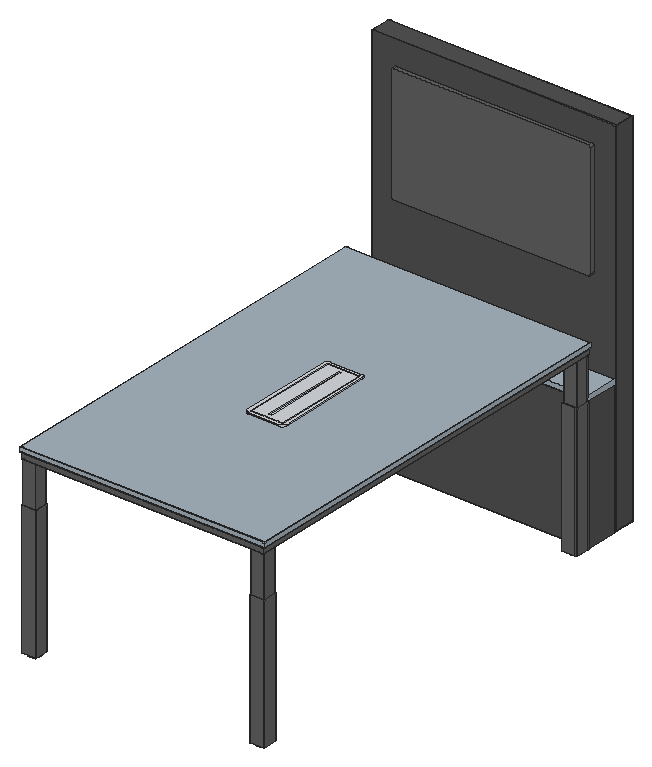
Revit family "DBLTD_TheSenatorGroup_OffcTbls_Play_AVMedia_US", category Furniture, Revit 2018
Family settings
  Work Plane-Based = No
  Always vertical = Yes
  Cut with Voids When Loaded = No
  Shared = Yes
  Room Calculation Point = No
Parameters (values of type "AV Media with Cutout 48"(w) x 90"(d) x 29"- 48"(h)")
  WorksurfaceArea = NominalLength * NominalDepth  # 2.712 m²
  WithCutout = yes
  WarrantyStartDate [instance] = "1900-12-31T23:59:59"
  WarrantyGuarantorParts = "15"
  WarrantyGuarantorLabor = "15"
  WarrantyDurationUnit = "Years"
  WarrantyDurationParts = "15"
  WarrantyDurationLabor = "15"
  WarrantyDescription = "Senator warrants that its manufactured products are free from manufacturing defects - in materials or workmanship - for a period of ten (10) years on Senator Seating ranges; and fifteen (15) years on Senator Desking ranges"
  Version = "1"  # constant formula
  Uniclass2015Version = "Products v1.9"
  Uniclass2015Title = "Office tables"
  Uniclass2015Code = "Pr_40_50_21_60"
  URL = "https://www.thesenatorgroup.com/"
  TagNumber [instance] = "n/a"
  TableTopThickness = 0.98425"
  TableMaterial [instance] = TheSenatorGroup_Play_MFC_Denim
  TableHeight [instance] = 36"
  SustainabilityPerformance = "n/a"
  Style = "n/a"
  Size = "L 90\" x  W 48\" x  H 29\" - 48\""
  Shape = "Rectangular"
  SerialNumber [instance] = "n/a"
  Revision = "n/a"
  ReplacementCost = "0"
  ProductInformation = "https://www.thesenatorgroup.com/"
  OmniClassVersion = "Table 22 2012-05-16"
  OmniClassTitle = "Office Tables"
  OmniClassCode = "22-12 51 23"
  NumberOfChairs = 5
  NominalWidth = 47.24409"
  NominalLength = NominalWidth  # 47.24409"
  NominalHeight = 70.86614"
  NominalDepth = 88.97638"
  Name = "OfficeTables_Play_AVMedia_TheSenatorGroup"
  NBSReference = "45-35-20/340"
  NBSDescription = "Office tables"
  NBSCertification = ""
  ModelReference = "AV Media with Cutout 48\" (w) x 90\"(d) x 29\" - 48\" (h)"
  ModelNumber = "PYPAE904850 + PYPUSIDP50AV or PYPUSIDP50AVS"
  Model = ModelNumber  # "PYPAE904850 + PYPUSIDP50AV or PYPUSIDP50AVS"
  Material = "MFC"
  ManufacturerURL = "https://www.thesenatorgroup.com/"
  ManufacturerName = "The Senator Group"
  Manufacturer = "The Senator Group"  # constant formula
  MainColor = "n/a"
  Keynote = "Pr_40_50_21_60"
  IntegralAccessories = "n/a"
  InstallationDate [instance] = "1900-12-31T23:59:59"
  IfcExportType = "TABLE"  # constant formula
  IfcExportAs = "IfcFurnitureType"  # constant formula
  Grade = "n/a"
  FramesColour = "Black"
  FrameSupports = "Adjustable"
  Finish = "HD Highland Oak, BH Beech, MP Maple, WH White, AT Autumn. WK Winter Oak, SO Strata Oak, MC Mocha, HW Hacienda White, DN Denim, LY Clay, LS Lemon Sorbet, LG Light Grey, CW Carini Walnut"
  Features = "Height Adjustable, with cutout for IDP"
  ExposedEdges = "Matching"
  ExpectedLife = "15"
  DurationUnit = "Years"
  DimensionsPlanSize = "48\" x 90\""
  DimensionsHeight = "29\" - 48\""
  Description = "48\" x 90\" AV Media Table with Cutout"
  Cost = 0
  Constituents = "n/a"
  Color = "n/a"
  CodePerformance = "n/a"
  Category = "Pr_40_50_21_60:Office tables"
  BarCode [instance] = "n/a"
  BIMObjectName = "TheSenatorGroup_OfficeTables_Play_AVMedia"
  Author = "Diane Butterworth Ltd"  # constant formula
  AssetType = "Movable"
  AssetIdentifier [instance] = "n/a"
  AccessibilityPerformance = "n/a"
Types (2): name | WithCutout | TableHeight | ModelReference | ModelNumber | Model | Features | Description
  AV Media with Cutout 48"(w) x 90"(d) x 29"- 48"(h) | yes | 36" | "AV Media with Cutout 48\" (w) x 90\"(d) x 29\" - 48\" (h)" | "PYPAE904850 + PYPUSIDP50AV or PYPUSIDP50AVS" | "PYPAE904850 + PYPUSIDP50AV or PYPUSIDP50AVS" | "Height Adjustable, with cutout for IDP" | "48\" x 90\" AV Media Table with Cutout"
  AV Media 48"(w) x 90"(d) x 29"- 48"(h) | no | 47.24409" | "AV Media 48\" (w) x 90\"(d) x 29\" - 48\" (h)" | "PYPAE9048" | "PYPAE9048" | "Height Adjustable" | "48\" x 90\" AV Media Table"
Reference planes (in)
  plane 1 "n/a": y = 0
  plane 2: z = 0
  plane 3 "Center (Left/Right)": x = 0
  plane 4 "Top": z = 36
  plane 5 "Edge1": x = -23.6220472
  plane 6 "Edge3": x = 23.6220472
  plane 7 "Edge2": y = 44.488189
  plane 8 "Edge4": y = -44.488189
  plane 9 "Edge23": y = 34.2519685
  plane 10 "Edge24": z = 35.015748
  plane 11 "Edge25": z = 33.8346457
  plane 12: z = 0.2755917
  plane 13: z = 25.8661429
  plane 14: z = 70.8661417
  plane 15: y = 40.5511811
  plane 16: z = 24.2952747
Forms (in)
  Extrusion 1, solid, material "TheSenatorGroup_Play_MFC_Denim" <- "TableMaterial"
    sketch origin (0, 0, 36) x (-1, 0, 0) y (0, -1, 0)
      loop
        line (23.6220472, -34.2519685) -> (23.6220472, 44.488189) -> (-23.6220472, 44.488189) -> (-23.6220472, -34.2519685) -> (23.6220472, -34.2519685)
    from -0.984252 to 0
  Extrusion 2, solid, material "TheSenatorGroup_Play_MetalFrame_Black"
    sketch origin (0, 0, 36) x (-1, 0, 0) y (0, -1, 0)
      loop
        line (20.6692913, -31.2992126) -> (20.6692913, 41.5354331) -> (-20.6692913, 41.5354331) -> (-20.6692913, -31.2992126) -> (20.6692913, -31.2992126)
      loop
        line (23.4251969, -34.0551181) -> (23.4251969, 44.2913386) -> (-23.4251969, 44.2913386) -> (-23.4251969, -34.0551181) -> (23.4251969, -34.0551181)
    from -2.1653543 to -0.984252
  Extrusion 3, solid, material "TheSenatorGroup_Play_MetalFrame_Black"
    sketch origin (0, 0, 36) x (-1, 0, 0) y (0, -1, 0)
      loop
        arc (23.3464567, -34.0551181) -> (23.4021344, -34.0320557) -> (23.4251969, -33.976378) r 0.0787402
        line (23.4251969, -33.976378) -> (23.4251969, -31.3779528)
        arc (23.4251969, -31.3779528) -> (23.4021344, -31.3222751) -> (23.3464567, -31.2992126) r 0.0787402
        line (23.3464567, -31.2992126) -> (20.7480315, -31.2992126)
        arc (20.7480315, -31.2992126) -> (20.6923538, -31.3222751) -> (20.6692913, -31.3779528) r 0.0787402
        line (20.6692913, -31.3779528) -> (20.6692913, -33.976378)
        arc (20.6692913, -33.976378) -> (20.6923538, -34.0320557) -> (20.7480315, -34.0551181) r 0.0787402
        line (20.7480315, -34.0551181) -> (23.3464567, -34.0551181)
      loop
        line (-23.3464567, -34.0551181) -> (-20.7480315, -34.0551181)
        arc (-20.7480315, -34.0551181) -> (-20.6923538, -34.0320557) -> (-20.6692913, -33.976378) r 0.0787402
        line (-20.6692913, -33.976378) -> (-20.6692913, -31.3779528)
        arc (-20.6692913, -31.3779528) -> (-20.6923538, -31.3222751) -> (-20.7480315, -31.2992126) r 0.0787402
        line (-20.7480315, -31.2992126) -> (-23.3464567, -31.2992126)
        arc (-23.3464567, -31.2992126) -> (-23.4021344, -31.3222751) -> (-23.4251969, -31.3779528) r 0.0787402
        line (-23.4251969, -31.3779528) -> (-23.4251969, -33.976378)
        arc (-23.4251969, -33.976378) -> (-23.4021344, -34.0320557) -> (-23.3464567, -34.0551181) r 0.0787402
      loop
        line (23.3464567, 44.2913386) -> (20.7480315, 44.2913386)
        arc (20.7480315, 44.2913386) -> (20.6923538, 44.2682761) -> (20.6692913, 44.2125984) r 0.0787402
        line (20.6692913, 44.2125984) -> (20.6692913, 41.6141732)
        arc (20.6692913, 41.6141732) -> (20.6923538, 41.5584955) -> (20.7480315, 41.5354331) r 0.0787402
        line (20.7480315, 41.5354331) -> (23.3464567, 41.5354331)
        arc (23.3464567, 41.5354331) -> (23.4021344, 41.5584955) -> (23.4251969, 41.6141732) r 0.0787402
        line (23.4251969, 41.6141732) -> (23.4251969, 44.2125984)
        arc (23.4251969, 44.2125984) -> (23.4021344, 44.2682761) -> (23.3464567, 44.2913386) r 0.0787402
      loop
        arc (-23.3464567, 44.2913386) -> (-23.4021344, 44.2682761) -> (-23.4251969, 44.2125984) r 0.0787402
        line (-23.4251969, 44.2125984) -> (-23.4251969, 41.6141732)
        arc (-23.4251969, 41.6141732) -> (-23.4021344, 41.5584955) -> (-23.3464567, 41.5354331) r 0.0787402
        line (-23.3464567, 41.5354331) -> (-20.7480315, 41.5354331)
        arc (-20.7480315, 41.5354331) -> (-20.6923538, 41.5584955) -> (-20.6692913, 41.6141732) r 0.0787402
        line (-20.6692913, 41.6141732) -> (-20.6692913, 44.2125984)
        arc (-20.6692913, 44.2125984) -> (-20.6923538, 44.2682761) -> (-20.7480315, 44.2913386) r 0.0787402
        line (-20.7480315, 44.2913386) -> (-23.3464567, 44.2913386)
    from -10.1338571 to -35.7244083
  Sweep 4, void
    path in 3D
      loop
        line (-23.6220472, -44.488189, 36) -> (23.6220472, -44.488189, 36) -> (23.6220472, 34.2519685, 36) -> (-23.6220472, 34.2519685, 36) -> (-23.6220472, -44.488189, 36)
    profile origin (-23.6220472, -5.1181102, 36) x (1, 0, 0) y (0, 0, 1)
      loop
        line (0, 0) -> (0, -0.0787402)
        arc (0, -0.0787402) -> (0.0230625, -0.0230625) -> (0.0787402, 0) r 0.0787402
        line (0.0787402, 0) -> (0, 0)
      loop
        line (0, -0.984252) -> (0.0787402, -0.984252)
        arc (0.0787402, -0.984252) -> (0.0230625, -0.9611895) -> (0, -0.9055118) r 0.0787402
        line (0, -0.9055118) -> (0, -0.984252)
  Sweep 5, void
    path in 3D
      loop
        line (-23.4251969, 34.0551181, 33.8346457) -> (23.4251969, 34.0551181, 33.8346457) -> (23.4251969, -44.2913386, 33.8346457) -> (-23.4251969, -44.2913386, 33.8346457) -> (-23.4251969, 34.0551181, 33.8346457)
    profile origin (-23.4251969, -5.1181102, 33.8346457) x (1, 0, 0) y (0, 0, -1)
      loop
        line (0, -1.1811024) -> (0.0787402, -1.1811024)
        arc (0.0787402, -1.1811024) -> (0.0230625, -1.1580399) -> (0, -1.1023622) r 0.0787402
        line (0, -1.1023622) -> (0, -1.1811024)
      loop
        line (0, 0) -> (0, -0.0787402)
        arc (0, -0.0787402) -> (0.0230625, -0.0230625) -> (0.0787402, 0) r 0.0787402
        line (0.0787402, 0) -> (0, 0)
  Extrusion 6, solid, material "TheSenatorGroup_Play_MetalFrame_Black"
    sketch origin (0, 0, 36) x (-1, 0, 0) y (0, -1, 0)
      loop
        arc (23.2490802, -33.9380875) -> (23.2908385, -33.9207907) -> (23.3081353, -33.8790324) r 0.0590551
        line (23.3081353, -33.8790324) -> (23.3081353, -31.476378)
        arc (23.3081353, -31.476378) -> (23.2908385, -31.4346197) -> (23.2490802, -31.4173228) r 0.0590551
        line (23.2490802, -31.4173228) -> (20.8464567, -31.4173228)
        arc (20.8464567, -31.4173228) -> (20.8046984, -31.4346197) -> (20.7874016, -31.476378) r 0.0590551
        line (20.7874016, -31.476378) -> (20.7874016, -33.8790324)
        arc (20.7874016, -33.8790324) -> (20.8046984, -33.9207907) -> (20.8464567, -33.9380875) r 0.0590551
        line (20.8464567, -33.9380875) -> (23.2490802, -33.9380875)
      loop
        line (-23.2490802, -33.9380875) -> (-20.8464567, -33.9380875)
        arc (-20.8464567, -33.9380875) -> (-20.8046984, -33.9207907) -> (-20.7874016, -33.8790324) r 0.0590551
        line (-20.7874016, -33.8790324) -> (-20.7874016, -31.476378)
        arc (-20.7874016, -31.476378) -> (-20.8046984, -31.4346197) -> (-20.8464567, -31.4173228) r 0.0590551
        line (-20.8464567, -31.4173228) -> (-23.2490802, -31.4173228)
        arc (-23.2490802, -31.4173228) -> (-23.2908385, -31.4346197) -> (-23.3081353, -31.476378) r 0.0590551
        line (-23.3081353, -31.476378) -> (-23.3081353, -33.8790324)
        arc (-23.3081353, -33.8790324) -> (-23.2908385, -33.9207907) -> (-23.2490802, -33.9380875) r 0.0590551
      loop
        line (23.2490802, 44.174308) -> (20.8464567, 44.174308)
        arc (20.8464567, 44.174308) -> (20.8046984, 44.1570111) -> (20.7874016, 44.1152529) r 0.0590551
        line (20.7874016, 44.1152529) -> (20.7874016, 41.7125984)
        arc (20.7874016, 41.7125984) -> (20.8046984, 41.6708402) -> (20.8464567, 41.6535433) r 0.0590551
        line (20.8464567, 41.6535433) -> (23.2490802, 41.6535433)
        arc (23.2490802, 41.6535433) -> (23.2908385, 41.6708402) -> (23.3081353, 41.7125984) r 0.0590551
        line (23.3081353, 41.7125984) -> (23.3081353, 44.1152529)
        arc (23.3081353, 44.1152529) -> (23.2908385, 44.1570111) -> (23.2490802, 44.174308) r 0.0590551
      loop
        arc (-23.2490802, 44.174308) -> (-23.2908385, 44.1570111) -> (-23.3081353, 44.1152529) r 0.0590551
        line (-23.3081353, 44.1152529) -> (-23.3081353, 41.7125984)
        arc (-23.3081353, 41.7125984) -> (-23.2908385, 41.6708402) -> (-23.2490802, 41.6535433) r 0.0590551
        line (-23.2490802, 41.6535433) -> (-20.8464567, 41.6535433)
        arc (-20.8464567, 41.6535433) -> (-20.8046984, 41.6708402) -> (-20.7874016, 41.7125984) r 0.0590551
        line (-20.7874016, 41.7125984) -> (-20.7874016, 44.1152529)
        arc (-20.7874016, 44.1152529) -> (-20.8046984, 44.1570111) -> (-20.8464567, 44.174308) r 0.0590551
        line (-20.8464567, 44.174308) -> (-23.2490802, 44.174308)
    from -10.1338571 to -2.1653543
  Extrusion 7, solid, material "TheSenatorGroup_Play_Wood_AnthraciteFinelineMetalic"
    sketch origin (0, 0, 36) x (-1, 0, 0) y (0, -1, 0)
      loop
        line (23.6220472, -44.488189) -> (23.6220472, -40.5511811) -> (-23.6220472, -40.5511811) -> (-23.6220472, -44.488189) -> (23.6220472, -44.488189)
    from -35.4287163 to 34.8661417
  Sweep 8, void
    path in 3D
      loop
        line (-23.6220472, 40.5511811, 0.5712837) -> (23.6220472, 40.5511811, 0.5712837) -> (23.6220472, 40.5511811, 70.8661417) -> (-23.6220472, 40.5511811, 70.8661417) -> (-23.6220472, 40.5511811, 0.5712837)
    profile origin (-23.6220472, 40.5511811, 35.7187127) x (-1, 0, 0) y (0, -1, 0)
      loop
        line (0, 0) -> (-0.0787402, 0)
        arc (-0.0787402, 0) -> (-0.0230625, -0.0230625) -> (0, -0.0787402) r 0.0787402
        line (0, -0.0787402) -> (0, 0)
  Sweep 9, void
    path in 3D
      loop
        line (-23.6220472, 44.488189, 0.5712837) -> (23.6220472, 44.488189, 0.5712837) -> (23.6220472, 44.488189, 70.8661417) -> (-23.6220472, 44.488189, 70.8661417) -> (-23.6220472, 44.488189, 0.5712837)
    profile origin (-23.6220472, 44.488189, 35.7187127) x (-1, 0, 0) y (0, -1, 0)
      loop
        line (0, 0) -> (0, 0.0787402)
        arc (0, 0.0787402) -> (-0.0230625, 0.0230625) -> (-0.0787402, 0) r 0.0787402
        line (-0.0787402, 0) -> (0, 0)
  Extrusion 10, void
    sketch origin (0, 0, 0) x (1, 0, 0) y (0, 0, 1)
      loop
        line (-23.6220472, 70.8661417) -> (-23.6220472, 70.7874016)
        arc (-23.6220472, 70.7874016) -> (-23.5989848, 70.8430793) -> (-23.5433071, 70.8661417) r 0.0787402
        line (-23.5433071, 70.8661417) -> (-23.6220472, 70.8661417)
      loop
        line (23.6220472, 70.8661417) -> (23.5433071, 70.8661417)
        arc (23.5433071, 70.8661417) -> (23.5989848, 70.8430793) -> (23.6220472, 70.7874016) r 0.0787402
        line (23.6220472, 70.7874016) -> (23.6220472, 70.8661417)
      loop
        line (-23.6220472, 0.5712837) -> (-23.5433071, 0.5712837)
        arc (-23.5433071, 0.5712837) -> (-23.5989848, 0.5943462) -> (-23.6220472, 0.6500239) r 0.0787402
        line (-23.6220472, 0.6500239) -> (-23.6220472, 0.5712837)
      loop
        line (23.6220472, 0.5712837) -> (23.6220472, 0.6500239)
        arc (23.6220472, 0.6500239) -> (23.5989848, 0.5943462) -> (23.5433071, 0.5712837) r 0.0787402
        line (23.5433071, 0.5712837) -> (23.6220472, 0.5712837)
    from -44.488189 to -40.5511811
  Extrusion 11, solid, material "TheSenatorGroup_Play_Wood_AnthraciteFinelineMetalic"
    sketch origin (0, -3.9370079, 36) x (-1, 0, 0) y (0, -1, 0)
      loop
        line (23.3188975, -44.488189) -> (23.3188975, -37.992126) -> (-23.3081353, -37.992126) -> (-23.3081353, -44.488189) -> (23.3188975, -44.488189)
    from -35.7244083 to -10.1338571
  Sweep 12, void
    path in 3D
      loop
        line (23.3081353, 34.0551181, 25.8661429) -> (23.3081353, 34.0551181, 0.2755917) -> (-23.3188975, 34.0551181, 0.2755917) -> (-23.3188975, 34.0551181, 25.8661429) -> (23.3081353, 34.0551181, 25.8661429)
    profile origin (-0.0053811, 34.0551181, 25.8661429) x (0, 1, 0) y (0, 0, 1)
      loop
        line (0, 0) -> (0, -0.0787402)
        arc (0, -0.0787402) -> (0.0230625, -0.0230625) -> (0.0787402, 0) r 0.0787402
        line (0.0787402, 0) -> (0, 0)
      loop
        line (6.496063, 0) -> (6.4173228, 0)
        arc (6.4173228, 0) -> (6.4730005, -0.0230625) -> (6.496063, -0.0787402) r 0.0787402
        line (6.496063, -0.0787402) -> (6.496063, 0)
  Extrusion 13, solid, material "TheSenatorGroup_Play_MetalFrame_Black"
    sketch origin (0, 0, 7.6535433) x (1, 0, 0) y (0, 0, 1)
      loop
        line (-5.7086614, 19.2431698) -> (5.7086614, 19.2431698) -> (5.7086614, 27.3622047) -> (5.6299213, 27.3622047) -> (5.6299213, 24.9518327) -> (-5.6299213, 24.9518327) -> (-5.6299213, 27.3622047) -> (-5.7086614, 27.3622047) -> (-5.7086614, 19.2431698)
    from -31.2992126 to 23.129625
  Extrusion 14, solid, material "TheSenatorGroup_Play_MetalFrame_Black", not visible
    sketch origin (0, 0, 0.3937008) x (1, 0, 0) y (0, 0, 1)
      loop
        line (-5.7086614, 19.2431698) -> (5.7086614, 19.2431698) -> (5.7086614, 27.3622047) -> (5.6299213, 27.3622047) -> (5.6299213, 24.9518327) -> (-5.6299213, 24.9518327) -> (-5.6299213, 27.3622047) -> (-5.7086614, 27.3622047) -> (-5.7086614, 19.2431698)
    from -31.2992126 to 23.129625
  Extrusion 15, solid, material "TheSenatorGroup_Play_MetalFrame_Black"
    sketch origin (0, 45.1968505, 0) x (1, 0, 0) y (0, 0, 1)
      loop
        arc (-18.8213499, 66.1872311) -> (-19.0997384, 66.0719188) -> (-19.2150507, 65.7935303) r 0.3937008
        line (-19.2150507, 65.7935303) -> (-19.2150507, 43.8916903)
        arc (-19.2150507, 43.8916903) -> (-19.0997384, 43.6133018) -> (-18.8213499, 43.4979895) r 0.3937008
        line (-18.8213499, 43.4979895) -> (18.8213499, 43.4979895)
        arc (18.8213499, 43.4979895) -> (19.0997384, 43.6133018) -> (19.2150507, 43.8916903) r 0.3937008
        line (19.2150507, 43.8916903) -> (19.2150507, 65.7935303)
        arc (19.2150507, 65.7935303) -> (19.0997384, 66.0719188) -> (18.8213499, 66.1872311) r 0.3937008
        line (18.8213499, 66.1872311) -> (-18.8213499, 66.1872311)
    from 4.6456694 to 5.4409447
  Revolve 16, solid
    sketch origin (-21.1417322, 0, 0) x (0, 1, 0) y (0, 0, 1)
      loop
        line (42.4606293, 0) -> (42.4606293, 0.6299215) -> (42.0746012, 0.6299215) -> (40.9164999, 0.2440947) -> (40.9164999, 0) -> (42.4606293, 0)
      axis (42.4606293, 0.6299215) -> (42.4606293, 0)
    angle from 0 to 360
  Revolve 17, solid
    sketch origin (21.1417322, 0, 0) x (0, 1, 0) y (0, 0, -1)
      loop
        line (42.4606293, 0) -> (40.9164999, 0) -> (40.9164999, -0.2440947) -> (42.0746012, -0.6299215) -> (42.4606293, -0.6299215) -> (42.4606293, 0)
      axis (42.4606293, -0.6299215) -> (42.4606293, 0)
    angle from 0 to 360
  Revolve 18, solid
    sketch origin (-20.2165346, -6.9881848, 0) x (0, 1, 0) y (0, 0, 1)
      loop
        line (42.4606293, 0) -> (42.4606293, 0.393701) -> (42.0177144, 0.393701) -> (41.4763773, 0.1574805) -> (41.4763773, 0) -> (42.4606293, 0)
      axis (42.4606293, 0.393701) -> (42.4606293, 0)
    angle from 0 to 360
  Revolve 19, solid
    sketch origin (20.2165346, -6.9881848, 0) x (0, 1, 0) y (0, 0, -1)
      loop
        line (42.4606293, 0) -> (41.4763773, 0) -> (41.4763773, -0.1574805) -> (42.0177144, -0.393701) -> (42.4606293, -0.393701) -> (42.4606293, 0)
      axis (42.4606293, -0.393701) -> (42.4606293, 0)
    angle from 0 to 360
  Revolve 20, solid
    sketch origin (22.0477684, -9.6147781, 0) x (0, 1, 0) y (0, 0, -1)
      loop
        line (42.2930213, 0) -> (41.1512872, 0) -> (41.1512872, -0.3740159) -> (42.2930213, -0.3740159) -> (42.2930213, 0)
      axis (42.2930213, -0.3740159) -> (42.2930213, 0)
    angle from 0 to 360
  Revolve 21, solid
    sketch origin (-22.0477684, -9.6147781, 0) x (0, 1, 0) y (0, 0, 1)
      loop
        line (42.2930213, 0) -> (42.2930213, 0.3740159) -> (41.1512872, 0.3740159) -> (41.1512872, 0) -> (42.2930213, 0)
      axis (42.2930213, 0.3740159) -> (42.2930213, 0)
    angle from 0 to 360
  Revolve 22, solid
    sketch origin (22.0477684, -85.2064089, 0) x (0, 1, 0) y (0, 0, -1)
      loop
        line (42.2930213, 0) -> (41.1512872, 0) -> (41.1512872, -0.3740159) -> (42.2930213, -0.3740159) -> (42.2930213, 0)
      axis (42.2930213, -0.3740159) -> (42.2930213, 0)
    angle from 0 to 360
  Revolve 23, solid
    sketch origin (-22.0477684, -85.2064089, 0) x (0, 1, 0) y (0, 0, 1)
      loop
        line (42.2930213, 0) -> (42.2930213, 0.3740159) -> (41.1512872, 0.3740159) -> (41.1512872, 0) -> (42.2930213, 0)
      axis (42.2930213, 0.3740159) -> (42.2930213, 0)
    angle from 0 to 360
  Extrusion 24, solid, visible <- "WithCutout"
    sketch origin (0, 0, 28.5433071) x (-1, 0, 0) y (0, -1, 0)
      loop
        arc (2.9416922, -4.7834677) -> (3.4984692, -4.5528431) -> (3.7290937, -3.9960661) r 0.7874016
        line (3.7290937, -3.9960661) -> (3.7290937, 14.2716471)
        arc (3.7290937, 14.2716471) -> (3.4984692, 14.8284241) -> (2.9416922, 15.0590487) r 0.7874016
        line (2.9416922, 15.0590487) -> (-2.9416922, 15.0590487)
        arc (-2.9416922, 15.0590487) -> (-3.4984692, 14.8284241) -> (-3.7290938, 14.2716471) r 0.7874016
        line (-3.7290938, 14.2716471) -> (-3.7290938, -3.9960661)
        arc (-3.7290938, -3.9960661) -> (-3.4984692, -4.5528431) -> (-2.9416922, -4.7834677) r 0.7874016
        line (-2.9416922, -4.7834677) -> (2.9416922, -4.7834677)
    from 7.4566929 to 7.6535433
  Extrusion 25, void
    sketch origin (0, 0, 28.7401575) x (-1, 0, 0) y (0, -1, 0)
      loop
        line (3.1385426, -3.9960661) -> (3.1385426, 14.2716471)
        arc (3.1385426, 14.2716471) -> (3.0808864, 14.4108413) -> (2.9416922, 14.4684975) r 0.1968504
        line (2.9416922, 14.4684975) -> (-2.9416922, 14.4684975)
        arc (-2.9416922, 14.4684975) -> (-3.0808865, 14.4108413) -> (-3.1385426, 14.2716471) r 0.1968504
        line (-3.1385426, 14.2716471) -> (-3.1385426, -3.9960661)
        arc (-3.1385426, -3.9960661) -> (-3.0808865, -4.1352603) -> (-2.9416922, -4.1929165) r 0.1968504
        line (-2.9416922, -4.1929165) -> (2.9416922, -4.1929165)
        arc (2.9416922, -4.1929165) -> (3.0808864, -4.1352603) -> (3.1385426, -3.9960661) r 0.1968504
      loop
        line (3.0204323, -3.9960661) -> (3.0204323, 14.2716471)
        arc (3.0204323, 14.2716471) -> (2.9973699, 14.3273248) -> (2.9416922, 14.3503872) r 0.0787402
        line (2.9416922, 14.3503872) -> (-2.9416922, 14.3503872)
        arc (-2.9416922, 14.3503872) -> (-2.9973699, 14.3273248) -> (-3.0204324, 14.2716471) r 0.0787402
        line (-3.0204324, 14.2716471) -> (-3.0204324, -3.9960661)
        arc (-3.0204324, -3.9960661) -> (-2.9973699, -4.0517438) -> (-2.9416922, -4.0748062) r 0.0787402
        line (-2.9416922, -4.0748062) -> (2.9416922, -4.0748062)
        arc (2.9416922, -4.0748062) -> (2.9973699, -4.0517438) -> (3.0204323, -3.9960661) r 0.0787402
      loop
        line (0.2755906, -3.2283498) -> (0.2755906, 13.5039325) -> (-0.2755906, 13.5039325) -> (-0.2755906, -3.2283498) -> (0.2755906, -3.2283498)
    from 7.3583694 to 7.4566929
  Extrusion 26, solid, material "TheSenatorGroup_Play_MetalFrame_Black"
    sketch origin (0, 0, 28.7401575) x (-1, 0, 0) y (0, -1, 0)
      loop
        line (23.1692922, -31.2992126) -> (23.1692922, -31.1417323) -> (20.5905512, -31.1417323)
        arc (20.5905512, -31.1417323) -> (20.5348735, -31.1647947) -> (20.511811, -31.2204724) r 0.0787402
        line (20.511811, -31.2204724) -> (20.511811, -33.8188976)
        arc (20.511811, -33.8188976) -> (20.4887486, -33.8745753) -> (20.4330709, -33.8976378) r 0.0787402
        line (20.4330709, -33.8976378) -> (18.838583, -33.8976378) -> (18.838583, -34.0551181) -> (20.6692913, -34.0551181) -> (20.6692913, -31.2992126) -> (23.1692922, -31.2992126)
      loop
        line (-23.1692922, -31.2992126) -> (-20.6692913, -31.2992126) -> (-20.6692913, -34.0551181) -> (-18.838583, -34.0551181) -> (-18.838583, -33.8976378) -> (-20.4330709, -33.8976378)
        arc (-20.4330709, -33.8976378) -> (-20.4887486, -33.8745753) -> (-20.511811, -33.8188976) r 0.0787402
        line (-20.511811, -33.8188976) -> (-20.511811, -31.2204724)
        arc (-20.511811, -31.2204724) -> (-20.5348735, -31.1647947) -> (-20.5905512, -31.1417323) r 0.0787402
        line (-20.5905512, -31.1417323) -> (-23.1692922, -31.1417323) -> (-23.1692922, -31.2992126)
    from -28.4645658 to -2.8740146
  Extrusion 27, solid, material "TheSenatorGroup_Play_MFC_Denim" <- "TableMaterial"
    sketch origin (0, 6.2992126, 26.8503949) x (-1, 0, 0) y (0, -1, 0)
      loop
        line (23.3188975, -34.2519685) -> (23.3188975, -27.7559055) -> (-23.3188975, -27.7559055) -> (-23.3188975, -34.2519685) -> (23.3188975, -34.2519685)
    from -0.984252 to 0
  Extrusion 28, solid, material "TheSenatorGroup_Play_MetalFrame_Black", not visible
    sketch origin (0, 45.1968505, 0) x (1, 0, 0) y (0, 0, 1)
      loop
        arc (-18.8213499, 66.1872311) -> (-19.0997384, 66.0719188) -> (-19.2150507, 65.7935303) r 0.3937008
        line (-19.2150507, 65.7935303) -> (-19.2150507, 43.8916903)
        arc (-19.2150507, 43.8916903) -> (-19.0997384, 43.6133018) -> (-18.8213499, 43.4979895) r 0.3937008
        line (-18.8213499, 43.4979895) -> (18.8213499, 43.4979895)
        arc (18.8213499, 43.4979895) -> (19.0997384, 43.6133018) -> (19.2150507, 43.8916903) r 0.3937008
        line (19.2150507, 43.8916903) -> (19.2150507, 65.7935303)
        arc (19.2150507, 65.7935303) -> (19.0997384, 66.0719188) -> (18.8213499, 66.1872311) r 0.3937008
        line (18.8213499, 66.1872311) -> (-18.8213499, 66.1872311)
    from 4.6456694 to 5.4409447
Cuts and joins
  Sweep 4, Sweep 5 cuts Extrusion 1
  Sweep 5 cuts Extrusion 2
  Sweep 8, Sweep 9, Extrusion 10 cuts Extrusion 7
  Sweep 12 cuts Extrusion 3
  Sweep 12 cuts Extrusion 11
  Extrusion 25 cuts Extrusion 24
Lines and regions (in)
  sketch lines
    curve 1: line (-23.6220472, 34.2519685, 36) -> (-23.6220472, -44.488189, 36)
    curve 2: line (23.6220472, 34.2519685, 36) -> (-23.6220472, 34.2519685, 36)
    curve 3: line (23.6220472, -44.488189, 36) -> (23.6220472, 34.2519685, 36)
    curve 4: line (-23.6220472, -44.488189, 36) -> (23.6220472, -44.488189, 36)
    curve 5: line (-23.4251969, -44.2913386, 33.8346457) -> (-23.4251969, 34.0551181, 33.8346457)
    curve 6: line (23.4251969, -44.2913386, 33.8346457) -> (-23.4251969, -44.2913386, 33.8346457)
    curve 7: line (-23.4251969, 34.0551181, 33.8346457) -> (23.4251969, 34.0551181, 33.8346457)
    curve 8: line (23.4251969, 34.0551181, 33.8346457) -> (23.4251969, -44.2913386, 33.8346457)
    curve 9: line (-23.6220472, 40.5511811, 70.8661417) -> (-23.6220472, 40.5511811, 0.5712837)
    curve 10: line (-23.6220472, 40.5511811, 70.8661417) -> (23.6220472, 40.5511811, 70.8661417)
    curve 11: line (23.6220472, 40.5511811, 70.8661417) -> (23.6220472, 40.5511811, 0.5712837)
    curve 12: line (23.6220472, 40.5511811, 0.5712837) -> (-23.6220472, 40.5511811, 0.5712837)
    curve 13: line (-23.6220472, 44.488189, 70.8661417) -> (-23.6220472, 44.488189, 0.5712837)
    curve 14: line (-23.6220472, 44.488189, 70.8661417) -> (23.6220472, 44.488189, 70.8661417)
    curve 15: line (23.6220472, 44.488189, 70.8661417) -> (23.6220472, 44.488189, 0.5712837)
    curve 16: line (23.6220472, 44.488189, 0.5712837) -> (-23.6220472, 44.488189, 0.5712837)
    curve 17: line (-23.3188975, 34.0551181, 25.8661429) -> (23.3081353, 34.0551181, 25.8661429)
    curve 18: line (-23.3188975, 34.0551181, 25.8661429) -> (-23.3188975, 34.0551181, 0.2755917)
    curve 19: line (23.3081353, 34.0551181, 0.2755917) -> (-23.3188975, 34.0551181, 0.2755917)
    curve 20: line (23.3081353, 34.0551181, 25.8661429) -> (23.3081353, 34.0551181, 0.2755917)
Dimensions and locks (in)
  "TableHeight": plane 4 "Top" to level
  equal spacing: plane 5 "Edge1", plane 3 "Center (Left/Right)", plane 6 "Edge3"
  "NominalWidth": plane 5 "Edge1" to plane 6 "Edge3"
  equal spacing: plane 8 "Edge4", plane 1 "n/a", plane 7 "Edge2"
  "NominalDepth": plane 7 "Edge2" to plane 8 "Edge4"
  plane 9 "Edge23" to plane 8 "Edge4" = 78.74016"
  "TableTopThickness": plane 4 "Top" to plane 10 "Edge24"
  locked: plane 10 "Edge24" to plane 11 "Edge25" at 1.1811024
  plane 13 to plane 12 = 25.59055"
  locked: cut or joined group of Extrusion 24, Extrusion 25 to plane 4 "Top" at 0.1968504
  locked: cut or joined group of Extrusion 24, Extrusion 25 to cut or joined group of Extrusion 24, Extrusion 25 at 0.0985269
  locked: Extrusion 27 to plane 13 at 0.984252
  locked: plane 14 to Extrusion 15 at 4.6789107
  aligned and locked: level to plane 2
  aligned and locked: Extrusion 1 sketch curve to plane 9 "Edge23"
  aligned and locked: plane 5 "Edge1" to Extrusion 1 sketch curve
  aligned and locked: plane 8 "Edge4" to Extrusion 1 sketch curve
  aligned and locked: Extrusion 1 sketch curve to plane 6 "Edge3"
  aligned and locked: Extrusion 1 to plane 4 "Top"
  aligned and locked: Extrusion 1 to plane 10 "Edge24"
  aligned and locked: Extrusion 2 to plane 11 "Edge25"
  aligned and locked: plane 10 "Edge24" to Extrusion 2
  aligned and locked: plane 13 to Extrusion 3
  aligned and locked: Extrusion 6 to Extrusion 3
  aligned and locked: plane 11 "Edge25" to Extrusion 6
  aligned and locked: Extrusion 3 to plane 12
  aligned and locked: plane 10 "Edge24" to Extrusion 13
  aligned and locked: cut or joined group of Extrusion 24, Extrusion 25 to plane 4 "Top"
  aligned and locked: plane 14 to cut or joined group of Extrusion 7, Sweep 8, Sweep 9, Extrusion 10
  aligned and locked: cut or joined group of Extrusion 11, Sweep 12 to plane 12
  aligned and locked: Extrusion 7 to Sweep 9
  aligned and locked: cut or joined group of Extrusion 24, Extrusion 25 to Extrusion 25
  aligned and locked: Extrusion 26 to cut or joined group of Extrusion 11, Sweep 12
  aligned and locked: plane 13 to cut or joined group of Extrusion 11, Sweep 12
  aligned and locked: Extrusion 27 to plane 13
Automatic sketch dimensions
  Extrusion 13 sketch curve to Extrusion 13 sketch curve = 0.07874"  (x2)
  Extrusion 13 sketch curve to Extrusion 13 sketch curve = 5.70866"
  Extrusion 13 sketch curve to Extrusion 13 sketch curve = 11.25984"
  Extrusion 13 sketch curve to Extrusion 13 sketch curve = 2.41037"  (x2)
  Extrusion 14 sketch curve to Extrusion 14 sketch curve = 0.07874"  (x2)
  Extrusion 14 sketch curve to Extrusion 14 sketch curve = 5.70866"
  Extrusion 14 sketch curve to Extrusion 14 sketch curve = 11.25984"
  Extrusion 14 sketch curve to Extrusion 14 sketch curve = 2.41037"  (x2)
  Extrusion 2 sketch curve to plane 6 "Edge3" = 0.19685"
  Extrusion 2 sketch curve to plane 6 "Edge3" = 2.95276"
  plane 5 "Edge1" to Extrusion 2 sketch curve = 2.95276"
  plane 5 "Edge1" to Extrusion 2 sketch curve = 0.19685"
  Extrusion 2 sketch curve to plane 9 "Edge23" = 0.19685"
  Extrusion 2 sketch curve to plane 9 "Edge23" = 2.95276"
  plane 8 "Edge4" to Extrusion 2 sketch curve = 2.95276"
  plane 8 "Edge4" to Extrusion 2 sketch curve = 0.19685"
  Extrusion 3 sketch curve to plane 6 "Edge3" = 0.19685"  (x2)
  Extrusion 3 sketch curve to Extrusion 3 sketch curve = 0.07874"  (x12)
  Extrusion 3 sketch curve to plane 9 "Edge23" = 0.19685"  (x2)
  Extrusion 3 sketch curve to Extrusion 3 sketch curve = 2.59843"  (x6)
  plane 8 "Edge4" to Extrusion 3 sketch curve = 0.19685"
  plane 5 "Edge1" to Extrusion 3 sketch curve = 2.95276"  (x2)
  plane 5 "Edge1" to Extrusion 3 sketch curve = 0.27559"  (x4)
  Extrusion 3 sketch curve to Extrusion 3 sketch curve = 2.67717"
  plane 8 "Edge4" to Extrusion 3 sketch curve = 2.95276"
  plane 8 "Edge4" to Extrusion 3 sketch curve = 0.27559"
  profile plane to Sweep 4 sketch curve = 0"  (x4)
  Sweep 4 sketch curve to profile plane = 0"  (x2)
  Sweep 4 sketch curve to Sweep 4 sketch curve = 0.07874"  (x3)
  Sweep 4 sketch curve to Sweep 4 sketch curve = 0.82677"
  Sweep 4 sketch curve to Sweep 4 sketch curve = 0"  (x4)
  profile plane to Sweep 5 sketch curve = 0"  (x4)
  Sweep 5 sketch curve to profile plane = 0"  (x2)
  Sweep 5 sketch curve to profile plane = 0.07874"
  Sweep 5 sketch curve to Sweep 5 sketch curve = 0.07874"  (x2)
  Sweep 5 sketch curve to Sweep 5 sketch curve = 1.02362"
  Sweep 5 sketch curve to Sweep 5 sketch curve = 0"  (x4)
  Extrusion 6 sketch curve to plane 6 "Edge3" = 0.31391"  (x2)
  Extrusion 6 sketch curve to Extrusion 6 sketch curve = 0.05906"  (x12)
  Extrusion 6 sketch curve to plane 9 "Edge23" = 0.31388"
  Extrusion 6 sketch curve to Extrusion 6 sketch curve = 2.40262"  (x4)
  plane 8 "Edge4" to Extrusion 6 sketch curve = 0.37294"  (x2)
  Extrusion 6 sketch curve to plane 9 "Edge23" = 0.37294"
  plane 5 "Edge1" to Extrusion 6 sketch curve = 2.83465"  (x2)
  plane 5 "Edge1" to Extrusion 6 sketch curve = 0.37297"  (x4)
  Extrusion 6 sketch curve to Extrusion 6 sketch curve = 2.40265"  (x2)
  Extrusion 6 sketch curve to Extrusion 6 sketch curve = 2.46171"
  plane 8 "Edge4" to Extrusion 6 sketch curve = 2.83465"
  Extrusion 7 sketch curve to plane 6 "Edge3" = 0"
  Extrusion 7 sketch curve to plane 5 "Edge1" = 0"
  plane 7 "Edge2" to Extrusion 7 sketch curve = 0"
  Extrusion 7 sketch curve to plane 15 = 0"
  Sweep 8 sketch curve to profile plane = 0"  (x4)
  profile plane to Sweep 8 sketch curve = 0.07874"
  Sweep 8 sketch curve to Sweep 8 sketch curve = 0"  (x2)
  Sweep 9 sketch curve to profile plane = 0"  (x4)
  Sweep 9 sketch curve to profile plane = 0.07874"
  Sweep 9 sketch curve to Sweep 9 sketch curve = 0"  (x2)
  Extrusion 10 sketch curve to plane 5 "Edge1" = 0"  (x4)
  Extrusion 10 sketch curve to plane 14 = 0"  (x4)
  Extrusion 10 sketch curve to plane 6 "Edge3" = 0"  (x4)
  plane 5 "Edge1" to Extrusion 10 sketch curve = 0.07874"
  Extrusion 10 sketch curve to Extrusion 10 sketch curve = 0.07874"  (x3)
  Extrusion 10 sketch curve to plane 6 "Edge3" = 0.07874"
  plane 12 to Extrusion 10 sketch curve = 0.37443"  (x2)
  Extrusion 10 sketch curve to Extrusion 10 sketch curve = 0"  (x9)
  Extrusion 11 sketch curve to plane 6 "Edge3" = 0.31391"
  plane 5 "Edge1" to Extrusion 11 sketch curve = 0.30315"
  Extrusion 11 sketch curve to plane 15 = 0"
  Extrusion 11 sketch curve to plane 9 "Edge23" = 0.19685"
  Sweep 12 sketch curve to profile plane = 0"  (x6)
  Sweep 12 sketch curve to profile plane = 0.07874"  (x2)
  Sweep 12 sketch curve to Sweep 12 sketch curve = 6.33858"
  Sweep 12 sketch curve to Sweep 12 sketch curve = 0"  (x5)
  Extrusion 15 sketch curve to Extrusion 15 sketch curve = 0.3937"  (x3)
  Revolve 16 sketch curve to level = 0"
  Revolve 16 sketch curve to plane 12 = 0.0315"
  plane 15 to Revolve 16 sketch curve = 0.36532"
  plane 12 to Revolve 16 sketch curve = 0.35433"
  Revolve 16 sketch curve to Revolve 16 sketch curve = 1.1581"
  Revolve 16 sketch curve to Revolve 16 sketch curve = 0.38603"
  Revolve 16 sketch curve to Revolve 16 sketch curve = 0"  (x2)
  Revolve 16 sketch curve to Revolve 16 sketch curve = 0.08779"
  Revolve 17 sketch curve to level = 0"
  Revolve 17 sketch curve to plane 12 = 0.0315"
  plane 15 to Revolve 17 sketch curve = 0.36532"
  plane 12 to Revolve 17 sketch curve = 0.35433"
  Revolve 17 sketch curve to Revolve 17 sketch curve = 1.1581"
  Revolve 17 sketch curve to Revolve 17 sketch curve = 0.38603"
  Revolve 17 sketch curve to Revolve 17 sketch curve = 0"  (x2)
  Revolve 17 sketch curve to Revolve 17 sketch curve = 0.08779"
  Revolve 18 sketch curve to level = 0"
  Revolve 18 sketch curve to plane 12 = 0.11811"
  plane 9 "Edge23" to Revolve 18 sketch curve = 0.23622"
  plane 12 to Revolve 18 sketch curve = 0.11811"
  Revolve 18 sketch curve to Revolve 18 sketch curve = 0.54134"
  Revolve 18 sketch curve to Revolve 18 sketch curve = 0.44291"
  Revolve 18 sketch curve to Revolve 18 sketch curve = 0"
  Revolve 18 sketch curve to Revolve 18 sketch curve = 0.14843"
  Revolve 18 sketch curve to Revolve 18 sketch curve = 0.08779"
  Revolve 19 sketch curve to level = 0"
  Revolve 19 sketch curve to plane 12 = 0.11811"
  plane 9 "Edge23" to Revolve 19 sketch curve = 0.23622"
  plane 12 to Revolve 19 sketch curve = 0.11811"
  Revolve 19 sketch curve to Revolve 19 sketch curve = 0.54134"
  Revolve 19 sketch curve to Revolve 19 sketch curve = 0.44291"
  Revolve 19 sketch curve to Revolve 19 sketch curve = 0"
  Revolve 19 sketch curve to Revolve 19 sketch curve = 0.14843"
  Revolve 19 sketch curve to Revolve 19 sketch curve = 0.08779"
  Revolve 20 sketch curve to level = 0"
  Revolve 20 sketch curve to plane 9 "Edge23" = 2.71546"
  Revolve 20 sketch curve to Revolve 20 sketch curve = 1.14173"
  plane 12 to Revolve 20 sketch curve = 0.09842"
  Revolve 20 sketch curve to Revolve 20 sketch curve = 0"  (x2)
  Revolve 20 sketch curve to plane 12 = 0.03645"
  Revolve 21 sketch curve to level = 0"
  Revolve 21 sketch curve to plane 9 "Edge23" = 2.71546"
  Revolve 21 sketch curve to Revolve 21 sketch curve = 1.14173"
  plane 12 to Revolve 21 sketch curve = 0.09842"
  Revolve 21 sketch curve to Revolve 21 sketch curve = 0"  (x2)
  Revolve 21 sketch curve to plane 12 = 0.03645"
  Revolve 22 sketch curve to level = 0"
  plane 8 "Edge4" to Revolve 22 sketch curve = 0.43307"
  Revolve 22 sketch curve to Revolve 22 sketch curve = 1.14173"
  plane 12 to Revolve 22 sketch curve = 0.09842"
  Revolve 22 sketch curve to Revolve 22 sketch curve = 0"  (x2)
  Revolve 22 sketch curve to plane 12 = 0.03645"
  Revolve 23 sketch curve to level = 0"
  plane 8 "Edge4" to Revolve 23 sketch curve = 0.43307"
  Revolve 23 sketch curve to Revolve 23 sketch curve = 1.14173"
  plane 12 to Revolve 23 sketch curve = 0.09842"
  Revolve 23 sketch curve to Revolve 23 sketch curve = 0"  (x2)
  Revolve 23 sketch curve to plane 12 = 0.03645"
  plane 3 "Center (Left/Right)" to Extrusion 24 sketch curve = 3.72909"
  Extrusion 24 sketch curve to Extrusion 24 sketch curve = 0.7874"  (x3)
  Extrusion 24 sketch curve to plane 3 "Center (Left/Right)" = 2.94169"  (x2)
  Extrusion 24 sketch curve to plane 1 "n/a" = 4.78347"
  plane 1 "n/a" to Extrusion 24 sketch curve = 14.27165"
  Extrusion 25 sketch curve to Extrusion 25 sketch curve = 0"  (x8)
  plane 3 "Center (Left/Right)" to Extrusion 25 sketch curve = 3.13854"
  Extrusion 25 sketch curve to Extrusion 25 sketch curve = 0.11811"
  Extrusion 25 sketch curve to Extrusion 25 sketch curve = 0.07874"  (x3)
  plane 3 "Center (Left/Right)" to Extrusion 25 sketch curve = 0.27559"
  Extrusion 25 sketch curve to plane 3 "Center (Left/Right)" = 0.27559"
  Extrusion 25 sketch curve to Extrusion 25 sketch curve = 2.6661"  (x2)
  Extrusion 25 sketch curve to plane 1 "n/a" = 4.19292"
  Extrusion 25 sketch curve to Extrusion 25 sketch curve = 0.76772"
  plane 1 "n/a" to Extrusion 25 sketch curve = 13.50393"
  Extrusion 25 sketch curve to Extrusion 25 sketch curve = 0.76771"
  Extrusion 26 sketch curve to plane 6 "Edge3" = 0.45276"
  Extrusion 26 sketch curve to Extrusion 26 sketch curve = 2.5"
  Extrusion 26 sketch curve to Extrusion 26 sketch curve = 0.07874"  (x7)
  Extrusion 26 sketch curve to Extrusion 26 sketch curve = 0.15748"  (x2)
  Extrusion 26 sketch curve to plane 9 "Edge23" = 0.19685"  (x2)
  Extrusion 26 sketch curve to Extrusion 26 sketch curve = 1.59449"  (x2)
  Extrusion 26 sketch curve to plane 9 "Edge23" = 0.35433"
  plane 5 "Edge1" to Extrusion 26 sketch curve = 4.78346"
  plane 5 "Edge1" to Extrusion 26 sketch curve = 0.45276"
  Extrusion 26 sketch curve to Extrusion 26 sketch curve = 2.51969"  (x2)
  Extrusion 27 sketch curve to plane 6 "Edge3" = 0.30315"
  plane 5 "Edge1" to Extrusion 27 sketch curve = 0.30315"
  Extrusion 27 sketch curve to plane 9 "Edge23" = 0.19685"
  Extrusion 27 sketch curve to plane 15 = 0"
  Extrusion 15 sketch curve to Extrusion 15 sketch curve = 37.6427"
  Extrusion 15 sketch curve to Extrusion 15 sketch curve = 0"
  Extrusion 15 sketch curve to Extrusion 15 sketch curve = 21.90184"
  Extrusion 28 sketch curve to Extrusion 28 sketch curve = 0.3937"  (x3)
  Extrusion 28 sketch curve to Extrusion 28 sketch curve = 37.6427"
  Extrusion 28 sketch curve to Extrusion 28 sketch curve = 0"
  Extrusion 28 sketch curve to Extrusion 28 sketch curve = 21.90184"
